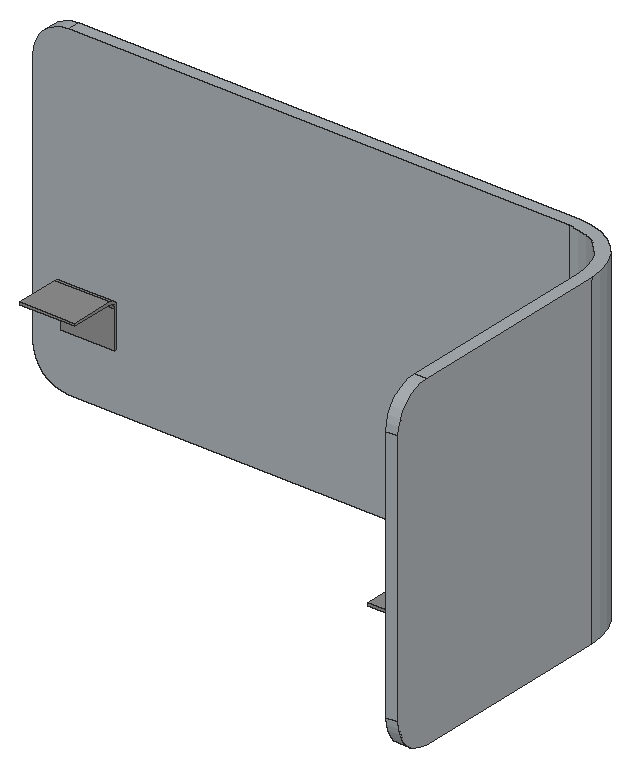
Revit family "Haworth_ActiveComponents_Screen_Corner", category Furniture Systems, Revit 2018
Family settings
  Round Connector Dimension = Use Diameter
  Part Type = Normal
  OmniClass Number = 23.40.70.14.64.21
  OmniClass Title = Systems Furniture
  Work Plane-Based = No
  Always vertical = Yes
  Cut with Voids When Loaded = No
  Shared = No
  Room Calculation Point = No
Parameters (values of type "45w 24h")
  Warranty = "http://www.haworth.com/resources/product-info/warranties"
  URL - Product = "http://www.haworth.com/products/workspaces/accessories/active-components"
  URL = "https://www.haworth.com/na/en.html"
  Tile Finish [instance] = Haworth _ Fabric _ Class _ Light Cool Neutral
  Size = "Verify Final Dim. w/ Haworth"  # constant formula
  Revision Number = "1"  # constant formula
  Model = "Haworth Active Components Screen Corner - 45w 24h"
  Manufacturer = "Haworth"  # constant formula
  Hardware Finish [instance] = Haworth _ Paint _ Graphite
  Frame Height = 26 3/4"  # constant formula
  Description = "Haworth Active Components Screen Corner - 45w 24h"
  Author = "Haworth (Hampton)"  # constant formula
  Assembly Code = "E2020200"
  Actual Width = 44 1/8"  # constant formula
  Actual Height = 24"  # constant formula
  Actual Depth = 29/32"  # constant formula
Reference planes (in)
  plane 1: z = 0
  plane 2 "Center L/R": x = -8.75
  plane 3 "Support Left Edge": x = -30.8125
  plane 4 "Support Right Edge": x = 13.3125
  plane 5 "Back": y = 7.13569
  plane 6 "Front": y = 6.22944
  plane 7 "Support Top": z = 50.75
  plane 8 "Center F/B": y = 6.68256
  plane 9: z = 26.75
  plane 10: y = -15.47943
  plane 11: x = 12.40625
Forms (in)
  Extrusion 1, solid, material "Haworth _ Fabric _ Class _ Light Cool Neutral" <- "Tile Finish"
    sketch origin (0, 0, 0) x (1, 0, 0) y (0, 1, 0)
      loop
        line (-30.8125, 7.13569) -> (-30.8125, 6.22944) -> (8.40625, 6.22944)
        arc (8.40625, 6.22944) -> (11.23468, 5.05787) -> (12.40625, 2.22944) r 4
        line (12.40625, 2.22944) -> (12.40625, -15.47943) -> (13.3125, -15.47943) -> (13.3125, 2.26069)
        arc (13.3125, 2.26069) -> (11.88465, 5.70784) -> (8.4375, 7.13569) r 4.875
        line (8.4375, 7.13569) -> (-30.8125, 7.13569)
    from 26.75 to 50.75
  Extrusion 2, void
    sketch origin (-8.75, 0, 0) x (0, 1, 0) y (0, 0, 1)
      loop
        line (-12.85443, 50.75) -> (-12.85443, 51.125) -> (-15.88048, 51.125) -> (-15.88048, 48.125) -> (-15.47943, 48.125)
        arc (-15.47943, 48.125) -> (-14.71059, 49.98116) -> (-12.85443, 50.75) r 2.625
      loop
        arc (-12.85443, 26.75) -> (-14.71059, 27.51884) -> (-15.47943, 29.375) r 2.625
        line (-15.47943, 29.375) -> (-15.88048, 29.375) -> (-15.88048, 26.375) -> (-12.85443, 26.375) -> (-12.85443, 26.75)
    from 18.78329 to 24.3767
  Extrusion 3, void
    sketch origin (0, 6.68256, 0) x (0, 0, -1) y (-1, 0, 0)
      loop
        arc (-50.75, 28.1875) -> (-49.98116, 30.04366) -> (-48.125, 30.8125) r 2.625
        line (-48.125, 30.8125) -> (-48.125, 31.21355) -> (-51.125, 31.21355) -> (-51.125, 28.1875) -> (-50.75, 28.1875)
      loop
        line (-26.75, 28.1875) -> (-26.375, 28.1875) -> (-26.375, 31.21355) -> (-29.375, 31.21355) -> (-29.375, 30.8125)
        arc (-29.375, 30.8125) -> (-27.51884, 30.04366) -> (-26.75, 28.1875) r 2.625
    from -2.1644 to 2.45313
  Extrusion 4, solid, material "Haworth _ Paint _ Graphite" <- "Hardware Finish", detail levels fine
    sketch origin (-8.75, 0, 0) x (0, 1, 0) y (0, 0, 1)
      loop
        line (2.52057, 34.25) -> (2.52057, 34.07) -> (5.70056, 34.07)
        arc (5.70056, 34.07) -> (6.05412, 33.92355) -> (6.20056, 33.57) r 0.5
        line (6.20056, 33.57) -> (6.20056, 30.84) -> (6.38056, 30.84) -> (6.38056, 33.57)
        arc (6.38056, 33.57) -> (6.1814, 34.05083) -> (5.70056, 34.25) r 0.68
        line (5.70056, 34.25) -> (2.52057, 34.25)
    from 12.15108 to 16.15108
  Extrusion 5, solid, material "Haworth _ Paint _ Graphite" <- "Hardware Finish", detail levels fine
    sketch origin (-8.75, 0, 0) x (0, 1, 0) y (0, 0, 1)
      loop
        line (2.52057, 34.25) -> (2.52057, 34.07) -> (5.70056, 34.07)
        arc (5.70056, 34.07) -> (6.05412, 33.92355) -> (6.20056, 33.57) r 0.5
        line (6.20056, 33.57) -> (6.20056, 30.84) -> (6.38056, 30.84) -> (6.38056, 33.57)
        arc (6.38056, 33.57) -> (6.1814, 34.05083) -> (5.70056, 34.25) r 0.68
        line (5.70056, 34.25) -> (2.52057, 34.25)
    from -20.01351 to -16.01351
  Extrusion 6, solid, material "Haworth _ Paint _ Graphite" <- "Hardware Finish", detail levels fine
    sketch origin (6.17093, -28.48415, 0) x (1, 0, 0) y (0, 0, 1)
      loop
        line (2.52057, 34.25) -> (2.52057, 34.07) -> (5.70056, 34.07)
        arc (5.70056, 34.07) -> (6.05412, 33.92355) -> (6.20056, 33.57) r 0.5
        line (6.20056, 33.57) -> (6.20056, 30.84) -> (6.38056, 30.84) -> (6.38056, 33.57)
        arc (6.38056, 33.57) -> (6.1814, 34.05083) -> (5.70056, 34.25) r 0.68
        line (5.70056, 34.25) -> (2.52057, 34.25)
    from -20.01351 to -16.01351
Cuts and joins
  Extrusion 2, Extrusion 3 cuts Extrusion 1
Lines and regions (in)
  Masking region 1
    outline origin (0, 0, 0) x (1, 0, 0) y (0, 1, 0)
      loop
        line (-30.8125, 7.13569) -> (-30.8125, 6.22944) -> (8.40625, 6.22944)
        arc (8.40625, 6.22944) -> (11.23468, 5.05787) -> (12.40625, 2.22944) r 4
        line (12.40625, 2.22944) -> (12.40625, -15.47943) -> (13.3125, -15.47943) -> (13.3125, 2.26069)
        arc (13.3125, 2.26069) -> (11.88465, 5.70784) -> (8.4375, 7.13569) r 4.875
        line (8.4375, 7.13569) -> (-30.8125, 7.13569)
  symbolic lines, style "Haworth Hidden", detail levels fine
    curve 1: line (-30.8125, 6.22944, 0) -> (-30.8125, 7.13569, 0)
Dimensions and locks (in)
  "Actual Width": plane 3 "Support Left Edge" to plane 4 "Support Right Edge"
  equal spacing: plane 3 "Support Left Edge", plane 2 "Center L/R", plane 4 "Support Right Edge"
  "Actual Depth": plane 5 "Back" to plane 6 "Front"
  equal spacing: plane 5 "Back", plane 8 "Center F/B", plane 6 "Front"
  "Frame Height": plane 9 to level
  "Actual Height": plane 7 "Support Top" to plane 9
  "Actual Depth": plane 11 to plane 4 "Support Right Edge"
  aligned and locked: plane 3 "Support Left Edge" to Extrusion 1 sketch curve
  aligned and locked: Extrusion 1 sketch curve to plane 5 "Back"
  aligned and locked: plane 7 "Support Top" to Extrusion 1
  aligned: Extrusion 1 to level
  aligned and locked: Extrusion 1 to plane 7 "Support Top"
  aligned and locked: Masking region 1 sketch curve to Extrusion 1  (x2)
  aligned and locked: Extrusion 1 to plane 9
Automatic sketch dimensions
  curve 1 to plane 5 "Back" = 0"
  Extrusion 1 sketch curve to plane 6 "Front" = 0"
  Extrusion 1 sketch curve to plane 11 = 0"
  Extrusion 1 sketch curve to plane 4 "Support Right Edge" = 0"
  Extrusion 1 sketch curve to plane 10 = 0"
  Extrusion 1 sketch curve to plane 11 = 4"
  Extrusion 1 sketch curve to Extrusion 1 sketch curve = 1/32"
  Extrusion 2 sketch curve to plane 10 = 0"  (x2)
  Extrusion 2 sketch curve to plane 9 = 0"
  Extrusion 2 sketch curve to plane 7 "Support Top" = 0"
  Extrusion 2 sketch curve to plane 10 = 0.40105"  (x2)
  plane 7 "Support Top" to Extrusion 2 sketch curve = 3/8"
  plane 10 to Extrusion 2 sketch curve = 2 5/8"
  Extrusion 2 sketch curve to Extrusion 2 sketch curve = 2 5/8"
  Extrusion 2 sketch curve to plane 9 = 3/8"
  Extrusion 3 sketch curve to plane 7 "Support Top" = 0"
  plane 3 "Support Left Edge" to Extrusion 3 sketch curve = 0"  (x2)
  Extrusion 3 sketch curve to plane 9 = 0"
  Extrusion 3 sketch curve to Extrusion 3 sketch curve = 3/8"
  Extrusion 3 sketch curve to plane 7 "Support Top" = 2 5/8"
  Extrusion 3 sketch curve to plane 3 "Support Left Edge" = 2 5/8"
  Extrusion 3 sketch curve to plane 9 = 3/8"
  Extrusion 3 sketch curve to Extrusion 3 sketch curve = 0.40105"  (x2)
  Extrusion 4 sketch curve to plane 6 "Front" = 3.70887"
  Extrusion 4 sketch curve to plane 6 "Front" = 0.52888"
  Extrusion 4 sketch curve to Extrusion 4 sketch curve = 0"  (x2)
  Extrusion 4 sketch curve to plane 6 "Front" = 0.02888"
  plane 6 "Front" to Extrusion 4 sketch curve = 0.15113"
  plane 9 to Extrusion 4 sketch curve = 4.09"
  Extrusion 4 sketch curve to Extrusion 4 sketch curve = 2.73"
  Extrusion 5 sketch curve to plane 6 "Front" = 3.70887"
  Extrusion 5 sketch curve to plane 6 "Front" = 0.52888"
  Extrusion 5 sketch curve to Extrusion 5 sketch curve = 0"  (x2)
  Extrusion 5 sketch curve to plane 6 "Front" = 0.02888"
  plane 6 "Front" to Extrusion 5 sketch curve = 0.15113"
  plane 9 to Extrusion 5 sketch curve = 4.09"
  Extrusion 5 sketch curve to Extrusion 5 sketch curve = 2.73"
  Extrusion 6 sketch curve to plane 3 "Support Left Edge" = 39.504"
  Extrusion 6 sketch curve to Extrusion 6 sketch curve = 3.18"
  Extrusion 6 sketch curve to Extrusion 6 sketch curve = 0"  (x2)
  Extrusion 6 sketch curve to Extrusion 6 sketch curve = 1/2"
  Extrusion 6 sketch curve to Extrusion 6 sketch curve = 0.18"
  plane 9 to Extrusion 6 sketch curve = 4.09"
  Extrusion 6 sketch curve to Extrusion 6 sketch curve = 2.73"
  Masking region 1 sketch curve to plane 6 "Front" = 0"
  Masking region 1 sketch curve to plane 11 = 0"
  Masking region 1 sketch curve to plane 4 "Support Right Edge" = 0"
  Masking region 1 sketch curve to plane 10 = 0"
  Masking region 1 sketch curve to plane 11 = 4"
  Masking region 1 sketch curve to Masking region 1 sketch curve = 1/32"
  curve 1 to plane 3 "Support Left Edge" = 0"
  curve 1 to plane 6 "Front" = 0"
